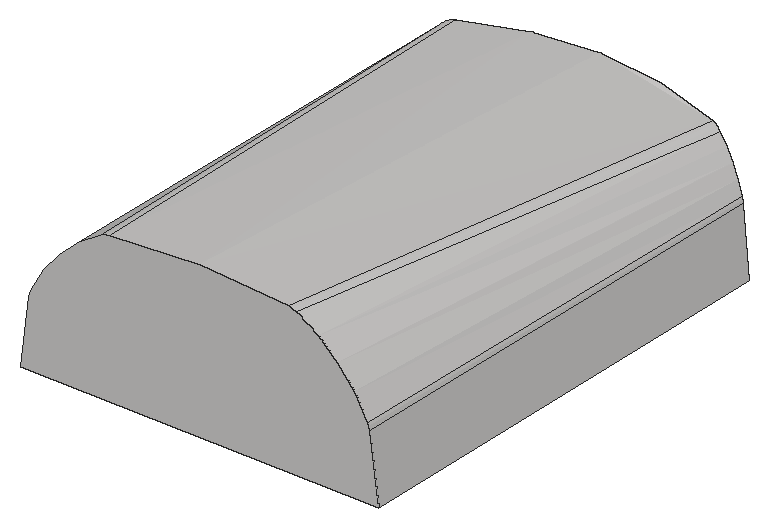
Revit family "NBS_DudleyIndustriesLimited_SntryTwlDpnsrs_PlatinumSanitaryBagHolder", category Furniture, host Face, Revit 2018
Family settings
  Host = Face
  Cut with Voids When Loaded = No
  Shared = No
  Room Calculation Point = No
Parameters (values of type "PlatinumSanitaryBagHolder")
  Weight = "0.27 kg"
  WarrantyStartDate [instance] = "1900-12-31T23:59:59"
  WarrantyGuarantorParts = "n/a"
  WarrantyGuarantorLabor = "n/a"
  WarrantyDurationUnit = "year"
  WarrantyDurationParts = "n/a"
  WarrantyDurationLabor = "n/a"
  WarrantyDescription = "10 Years"
  Version = "1"  # constant formula
  Uniclass2015Version = "Products v1.18"
  Uniclass2015Title = "Sanitary towel dispensers"
  Uniclass2015Code = "Pr_40_70_22_75"
  TagNumber [instance] = "n/a"
  SustainabilityPerformance = "n/a"
  Style = "Holder"
  Status = "UNSET"
  Size = "111 x 155 x 48 mm"
  Shape = "Rectangular"
  SerialNumber [instance] = "n/a"
  Revision = "n/a"
  ReplacementCost = "n/a"
  Reference = "n/a"
  ProductInformation = "https://www.dudleyindustries.com/washroom/product/platinum-sanitary-bag-holder/"
  NominalWidth = 111 mm
  NominalLength = 0 mm
  NominalHeight = 155 mm
  NominalDepth = 48 mm
  Name = "SanitaryTowelDispensers_PlatinumSanitaryBagHolder_DudleyIndustriesLimited"
  NBSReference = "45-35-72/348"
  NBSDescription = "Sanitary towel dispensers"
  NBSCertification = "www.nationalbimlibrary.com/cert/r5q2yrvv"
  ModelReference = "PlatinumSanitaryBagHolder"
  ModelNumber = "77021CB"
  MaterialsFinishAndColour = "Brushed with clear lacquer"
  MaterialsBody = "Stainless steel"
  Material = "Stainless steel"
  ManufacturerURL = "www.dudleyindustries.com"
  ManufacturerName = "Dudley Industries Limited"  # constant formula
  Manufacturer = "sales@dudleyindustries.com"
  MainColor = "n/a"
  IsBuiltIn = yes
  InstallationDate [instance] = "1900-12-31T23:59:59"
  IfcExportType = "UNDEFINED"  # constant formula
  IfcExportAs = "IfcFurnitureType"  # constant formula
  HolderMaterial = NBS_DudleyIndustriesLimited_StainlessSteel_Brushed
  Grade = "n/a"
  Finish = "Brushed with clear lacquer"
  Features = "Innovative coating helps prevent fingerprint marks, the holder presents bags in a handy and neat, manner, supports your washroom aesthetics, sanitary disposal bags help contain waste, and keep sanitary bins clean in between services"
  ExpectedLife = "n/a"
  DurationUnit = "year"
  Description = "Platinum sanitary bag holder"
  Default Elevation = 750 mm
  Constituents = "n/a"
  Color = "n/a"
  CodePerformance = "n/a"
  Category = "Pr_40_70_22_75:Sanitary towel dispensers"
  BarCode [instance] = "n/a"
  BIMObjectName = "NBS_DudleyIndustriesLimited_SanitaryTowelDispensers_PlatinumSanitaryBagHolder"
  Author = "NBS"  # constant formula
  AssetType = "Fixed"
  AssetIdentifier [instance] = "n/a"
  AccessibilityPerformance = "n/a"
Reference planes
  plane 1 "Bottom": y = 0
  plane 2 "Back": z = 0
  plane 3 "Center (Left/Right)": x = 0
  plane 4 "Left": x = -55.5
  plane 5 "Right": x = 55.5
  plane 6 "Top": y = 155
  plane 7 "Front": z = 48
Forms (mm)
  Extrusion 1, solid, material "NBS_DudleyIndustriesLimited_StainlessSteel_Brushed" <- "HolderMaterial", detail levels coarse
    sketch origin (0, 0, 0) x (0, 1, 0) y (0, 0, 1)
      loop
        line (155, 0) -> (155, 48) -> (0, 48) -> (0, 0) -> (155, 0)
    from -55.5 to 55.5
  Blend 2, solid, material "NBS_DudleyIndustriesLimited_StainlessSteel_Brushed" <- "HolderMaterial", detail levels medium+fine
    base sketch origin (0, 0, 0) x (1, 0, 0) y (0, 0, 1)
      loop
        line (-52.859, 20.542) -> (-55.5, 0) -> (55.5, 0) -> (52.859, 20.542)
        arc (52.859, 20.542) -> (52.651, 21.532) -> (52.29, 22.477) r 6.4
        arc (52.29, 22.477) -> (43.076, 35.82) -> (30.133, 45.587) r 50.891
        arc (30.133, 45.587) -> (29.042, 46.042) -> (27.887, 46.293) r 6.5
        arc (27.887, 46.293) -> (0, 48) -> (-27.887, 46.293) r 228.599
        arc (-27.887, 46.293) -> (-29.042, 46.042) -> (-30.133, 45.587) r 6.5
        arc (-30.133, 45.587) -> (-43.076, 35.82) -> (-52.29, 22.477) r 50.891
        arc (-52.29, 22.477) -> (-52.651, 21.532) -> (-52.859, 20.542) r 6.4
    top sketch origin (0, 0, 0) x (1, 0, 0) y (0, 0, 1)
      loop
        arc (40.323, 36.09) -> (0, 38.901) -> (-40.323, 36.09) r 290.627
        arc (-40.323, 36.09) -> (-42.054, 35.563) -> (-43.539, 34.526) r 5.8
        arc (-43.539, 34.526) -> (-48.656, 28.517) -> (-52.486, 21.616) r 39.785
        arc (-52.486, 21.616) -> (-52.764, 20.826) -> (-52.928, 20.004) r 6
        line (-52.928, 20.004) -> (-55.5, 0) -> (55.5, 0) -> (52.928, 20.004)
        arc (52.928, 20.004) -> (52.764, 20.826) -> (52.486, 21.616) r 6
        arc (52.486, 21.616) -> (48.656, 28.517) -> (43.539, 34.526) r 39.785
        arc (43.539, 34.526) -> (42.054, 35.563) -> (40.323, 36.09) r 5.8
    from 0 to -155
  Extrusion 3, void
    sketch origin (0, 0, 0) x (1, 0, 0) y (0, 1, 0)
      loop
        line (55.5, 143.348) -> (55.5, 161.618) -> (-55.5, 161.618) -> (-55.5, 143.348)
        arc (-55.5, 143.348) -> (0, 155) -> (55.5, 143.348) r 138
    from 0 to 48
Cuts and joins
  Extrusion 3 cuts Blend 2
Dimensions and locks
  locked: plane 1 "Bottom" to plane 6 "Top" at 155
  equal spacing: plane 4 "Left", plane 3 "Center (Left/Right)", plane 5 "Right"
  locked: plane 4 "Left" to plane 5 "Right" at 111
  plane 7 "Front" to level = 48 mm
  aligned and locked: plane 2 "Back" to host face
  aligned and locked: level to host face
  aligned and locked: plane 6 "Top" to Extrusion 1 sketch curve
  aligned and locked: plane 1 "Bottom" to Extrusion 1 sketch curve
  aligned and locked: plane 7 "Front" to Extrusion 1 sketch curve
  aligned and locked: plane 2 "Back" to Extrusion 1 sketch curve
  aligned and locked: Extrusion 1 to plane 4 "Left"
  aligned and locked: Extrusion 1 to plane 5 "Right"
  aligned and locked: plane 6 "Top" to Blend 2
  aligned and locked: Extrusion 3 sketch curve to plane 4 "Left"
  aligned and locked: plane 5 "Right" to Extrusion 3 sketch curve
  aligned and locked: plane 7 "Front" to Extrusion 3
Automatic sketch dimensions
  host sketch curve to host sketch curve = 2438.4 mm  (x2)
  Blend 2 sketch curve to level = 0 mm  (x2)
  Blend 2 sketch curve to plane 4 "Left" = 0 mm  (x2)
  plane 5 "Right" to Blend 2 sketch curve = 0 mm  (x2)
  plane 4 "Left" to Blend 2 sketch curve = 2.641 mm
  Blend 2 sketch curve to Blend 2 sketch curve = 6.348 mm
  Blend 2 sketch curve to plane 7 "Front" = 8.159 mm  (x2)
  Blend 2 sketch curve to plane 3 "Center (Left/Right)" = 27.094 mm
  level to Blend 2 sketch curve = 0.6 mm  (x2)
  Blend 2 sketch curve to plane 3 "Center (Left/Right)" = 6.341 mm
  Blend 2 sketch curve to plane 3 "Center (Left/Right)" = 0 mm  (x2)
  plane 3 "Center (Left/Right)" to Blend 2 sketch curve = 6.341 mm
  plane 3 "Center (Left/Right)" to Blend 2 sketch curve = 27.094 mm
  plane 5 "Right" to Blend 2 sketch curve = 8.989 mm
  plane 5 "Right" to Blend 2 sketch curve = 2.641 mm
  Blend 2 sketch curve to level = 180.599 mm
  level to Blend 2 sketch curve = 19.726 mm  (x2)
  Blend 2 sketch curve to Blend 2 sketch curve = 0.816 mm  (x2)
  Blend 2 sketch curve to Blend 2 sketch curve = 0 mm  (x10)
  plane 4 "Left" to Blend 2 sketch curve = 2.572 mm
  Blend 2 sketch curve to Blend 2 sketch curve = 5.951 mm
  Blend 2 sketch curve to Blend 2 sketch curve = 7.459 mm
  level to Blend 2 sketch curve = 5.856 mm  (x2)
  Blend 2 sketch curve to plane 3 "Center (Left/Right)" = 15.957 mm
  plane 3 "Center (Left/Right)" to Blend 2 sketch curve = 15.957 mm
  plane 5 "Right" to Blend 2 sketch curve = 15.982 mm
  plane 5 "Right" to Blend 2 sketch curve = 8.523 mm
  plane 5 "Right" to Blend 2 sketch curve = 2.572 mm
  Blend 2 sketch curve to level = 251.725 mm
  level to Blend 2 sketch curve = 19.239 mm  (x2)
  Blend 2 sketch curve to Blend 2 sketch curve = 0.765 mm  (x2)
  Blend 2 sketch curve to Blend 2 sketch curve = 11.107 mm  (x2)
  Extrusion 3 sketch curve to plane 3 "Center (Left/Right)" = 0 mm
  Extrusion 3 sketch curve to plane 1 "Bottom" = 17 mm
  Extrusion 3 sketch curve to plane 6 "Top" = 11.652 mm
  plane 6 "Top" to Extrusion 3 sketch curve = 6.618 mm
